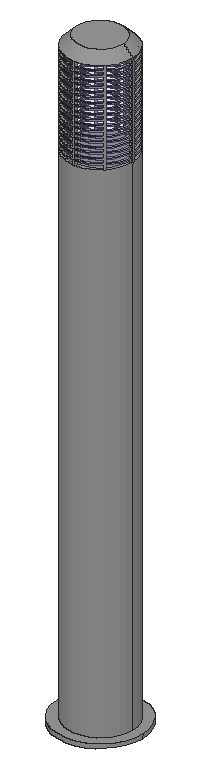
Revit family "Фонарь уличный «Айрон» Арт 7549", category Антураж, Revit 2018
Family settings
  На основе рабочей плоскости = Нет
  Всегда вертикально = Да
  При загрузке вырезать с полостями = Нет
  Источник визуального образа = Геометрия семейства
  Общий = Нет
  Точка расчета площади = Нет
Parameters (values of type "Модель 1,5 м")
  Ширина = 159 mm  # constant formula
  Цвет светильника = Сталь
  Описание = if([Модель 0,8 м], "Фонарь уличный «Айрон». Модель 0,8м", (if([Модель 1,2 м], "Фонарь уличный «Айрон». Модель 1,2 м", "Фонарь уличный «Айрон». Модель 1,5 м")))  # "Фонарь уличный «Айрон». Модель 1,5 м"
  Модель 1,5 м = yes
  Модель 1,2 м = no
  Модель 0,8 м = no
  Материал изделия = "Сталь"  # constant formula
  Изображение типоразмера = Фонарь уличный «Айрон» Арт 7549.jpg
  Изготовитель = "ООО «Хоббика»"  # constant formula
  Длина = 159 mm  # constant formula
  Группа модели = "Светильники со стальными опорами"  # constant formula
  Высота = if([Модель 0,8 м], 800 mm, (if([Модель 1,2 м], 1200 mm, 1500 mm)))  # 1500 mm
  Артикул товара = "Арт. 7549"  # constant formula
  URL = "https://hobbyka.ru/product/fonar_ulichnyi_airon/"
Types (4, lengths in mm): name | Описание | Модель 1,5 м | Модель 1,2 м | Модель 0,8 м | Высота
  (no name) | "Фонарь уличный «Айрон». Модель 1,5 м" | yes | no | no | 1500
  Модель 0,8 м | "Фонарь уличный «Айрон». Модель 0,8м" | no | no | yes | 800
  Модель 1,2 м | "Фонарь уличный «Айрон». Модель 1,2 м" | no | yes | no | 1200
  Модель 1,5 м | "Фонарь уличный «Айрон». Модель 1,5 м" | yes | no | no | 1500
Reference planes
  plane 1 "По центру (Вперед/Назад)": y = 0
  plane 2: z = 0
  plane 3 "По центру (Влево/Вправо)": x = 0
  plane 4: z = 1500
  plane 5: x = 159
  plane 6: y = 159
  plane 7: z = 1250
Forms (mm)
  Extrusion 1, solid, material "Сталь" <- "Цвет светильника"
    sketch origin (0, 0, 0) x (1, 0, 0) y (0, 1, 0)
      loop
        circle (79.5, 79.5) r 104.5
    from 0 to 10
  Extrusion 2, solid, material "Сталь" <- "Цвет светильника"
    sketch origin (0, 0, 0) x (1, 0, 0) y (0, 1, 0)
      loop
        circle (79.5, 79.5) r 79.5
    from 10 to 1250
Dimensions and locks
  "Высота": plane 4 to level
  "Ширина": plane 6 to plane 1 "По центру (Вперед/Назад)"
  "Длина": plane 3 "По центру (Влево/Вправо)" to plane 5
  locked: plane 4 to plane 7 at 250
  aligned and locked: level to plane 2
  aligned and locked: plane 4 to nested 1
  aligned and locked: Extrusion 2 to Extrusion 1
  aligned and locked: plane 7 to Extrusion 2
Automatic sketch dimensions
  plane 3 "По центру (Влево/Вправо)" to Extrusion 1 sketch curve = 79.5 mm
  Extrusion 1 sketch curve to plane 1 "По центру (Вперед/Назад)" = 79.5 mm
  Extrusion 2 sketch curve to Extrusion 2 sketch curve = 0 mm  (x2)
  plane 3 "По центру (Влево/Вправо)" to Extrusion 2 sketch curve = 79.5 mm
  Extrusion 2 sketch curve to plane 1 "По центру (Вперед/Назад)" = 79.5 mm
  Extrusion 2 sketch curve to plane 3 "По центру (Влево/Вправо)" = 0 mm
  radius of Extrusion 1 sketch curve = 104.5 mm
Nested families
  nested 1: "Фонарь уличный «Айрон» Арт 7549 светильник" at (0, 0, 1250), type "Фонарь уличный «Айрон» Арт 7549 светильник"
Definition of nested family "Фонарь уличный «Айрон» Арт 7549 светильник"
  Parameters (values of type "Фонарь уличный «Айрон» Арт 7549 светильник")
    Цвет светильника = none
    Плафон = none
    Height = 0 mm
  Reference planes
    plane 1 "По центру (Вперед/Назад)": y = 0
    plane 2: z = 0
    plane 3 "По центру (Влево/Вправо)": x = 0
  Forms (mm)
    Extrusion 1, solid, material <- "Цвет светильника"
      sketch origin (0, 0, 0) x (1, 0, 0) y (0, 1, 0)
        loop
          circle (79.5, 79.5) r 79.5
      from 0 to 250
    Sweep 2, void
      path origin (0, 0, 0) x (1, 0, 0) y (0, 1, 0)
        loop
          circle (79.5, 79.5) r 79.5
      profile origin (79.5, 159, 0) x (0, -1, 0) y (0, 0, 1)
        loop
          line (0, 250) -> (0, 227) -> (23, 250) -> (0, 250)
    Extrusion 3, void
      sketch origin (0, 0, 0) x (1, 0, 0) y (0, 1, 0)
        loop
          arc (21.545, 133.919) -> (6.052, 109.923) -> (0.039, 82) r 79.5
          line (0.039, 82) -> (5.042, 82)
          arc (5.042, 82) -> (5, 79.5) -> (5.042, 77) r 74.5
          line (5.042, 77) -> (0.039, 77)
          arc (0.039, 77) -> (6.052, 49.077) -> (21.545, 25.081) r 79.5
          line (21.545, 25.081) -> (25.082, 28.618)
          arc (25.082, 28.618) -> (26.821, 26.821) -> (28.618, 25.082) r 74.5
          line (28.618, 25.082) -> (25.081, 21.545)
          arc (25.081, 21.545) -> (49.077, 6.052) -> (77, 0.039) r 79.5
          line (77, 0.039) -> (77, 5.042)
          arc (77, 5.042) -> (79.5, 5) -> (82, 5.042) r 74.5
          line (82, 5.042) -> (82, 0.039)
          arc (82, 0.039) -> (109.923, 6.052) -> (133.919, 21.545) r 79.5
          line (133.919, 21.545) -> (130.382, 25.082)
          arc (130.382, 25.082) -> (132.179, 26.821) -> (133.918, 28.618) r 74.5
          line (133.918, 28.618) -> (137.455, 25.081)
          arc (137.455, 25.081) -> (152.948, 49.077) -> (158.961, 77) r 79.5
          line (158.961, 77) -> (153.958, 77)
          arc (153.958, 77) -> (154, 79.5) -> (153.958, 82) r 74.5
          line (153.958, 82) -> (158.961, 82)
          arc (158.961, 82) -> (152.948, 109.923) -> (137.455, 133.919) r 79.5
          line (137.455, 133.919) -> (133.918, 130.382)
          arc (133.918, 130.382) -> (132.179, 132.179) -> (130.382, 133.918) r 74.5
          line (130.382, 133.918) -> (133.919, 137.455)
          arc (133.919, 137.455) -> (109.923, 152.948) -> (82, 158.961) r 79.5
          line (82, 158.961) -> (82, 153.958)
          arc (82, 153.958) -> (79.5, 154) -> (77, 153.958) r 74.5
          line (77, 153.958) -> (77, 158.961)
          arc (77, 158.961) -> (49.077, 152.948) -> (25.081, 137.455) r 79.5
          line (25.081, 137.455) -> (28.618, 133.918)
          arc (28.618, 133.918) -> (26.821, 132.179) -> (25.082, 130.382) r 74.5
          line (25.082, 130.382) -> (21.545, 133.919)
      from 0 to 10
    Extrusion 4, void
      sketch origin (0, 0, 0) x (1, 0, 0) y (0, 1, 0)
        loop
          arc (21.545, 133.919) -> (6.052, 109.923) -> (0.039, 82) r 79.5
          line (0.039, 82) -> (5.042, 82)
          arc (5.042, 82) -> (5, 79.5) -> (5.042, 77) r 74.5
          line (5.042, 77) -> (0.039, 77)
          arc (0.039, 77) -> (6.052, 49.077) -> (21.545, 25.081) r 79.5
          line (21.545, 25.081) -> (25.082, 28.618)
          arc (25.082, 28.618) -> (26.821, 26.821) -> (28.618, 25.082) r 74.5
          line (28.618, 25.082) -> (25.081, 21.545)
          arc (25.081, 21.545) -> (49.077, 6.052) -> (77, 0.039) r 79.5
          line (77, 0.039) -> (77, 5.042)
          arc (77, 5.042) -> (79.5, 5) -> (82, 5.042) r 74.5
          line (82, 5.042) -> (82, 0.039)
          arc (82, 0.039) -> (109.923, 6.052) -> (133.919, 21.545) r 79.5
          line (133.919, 21.545) -> (130.382, 25.082)
          arc (130.382, 25.082) -> (132.179, 26.821) -> (133.918, 28.618) r 74.5
          line (133.918, 28.618) -> (137.455, 25.081)
          arc (137.455, 25.081) -> (152.948, 49.077) -> (158.961, 77) r 79.5
          line (158.961, 77) -> (153.958, 77)
          arc (153.958, 77) -> (154, 79.5) -> (153.958, 82) r 74.5
          line (153.958, 82) -> (158.961, 82)
          arc (158.961, 82) -> (152.948, 109.923) -> (137.455, 133.919) r 79.5
          line (137.455, 133.919) -> (133.918, 130.382)
          arc (133.918, 130.382) -> (132.179, 132.179) -> (130.382, 133.918) r 74.5
          line (130.382, 133.918) -> (133.919, 137.455)
          arc (133.919, 137.455) -> (109.923, 152.948) -> (82, 158.961) r 79.5
          line (82, 158.961) -> (82, 153.958)
          arc (82, 153.958) -> (79.5, 154) -> (77, 153.958) r 74.5
          line (77, 153.958) -> (77, 158.961)
          arc (77, 158.961) -> (49.077, 152.948) -> (25.081, 137.455) r 79.5
          line (25.081, 137.455) -> (28.618, 133.918)
          arc (28.618, 133.918) -> (26.821, 132.179) -> (25.082, 130.382) r 74.5
          line (25.082, 130.382) -> (21.545, 133.919)
      from 12 to 22
    Extrusion 5, void
      sketch origin (0, 0, 0) x (1, 0, 0) y (0, 1, 0)
        loop
          circle (79.5, 79.5) r 74.5
      from 0 to 227
    Extrusion 6, void
      sketch origin (0, 0, 0) x (1, 0, 0) y (0, 1, 0)
        loop
          arc (21.545, 133.919) -> (6.052, 109.923) -> (0.039, 82) r 79.5
          line (0.039, 82) -> (5.042, 82)
          arc (5.042, 82) -> (5, 79.5) -> (5.042, 77) r 74.5
          line (5.042, 77) -> (0.039, 77)
          arc (0.039, 77) -> (6.052, 49.077) -> (21.545, 25.081) r 79.5
          line (21.545, 25.081) -> (25.082, 28.618)
          arc (25.082, 28.618) -> (26.821, 26.821) -> (28.618, 25.082) r 74.5
          line (28.618, 25.082) -> (25.081, 21.545)
          arc (25.081, 21.545) -> (49.077, 6.052) -> (77, 0.039) r 79.5
          line (77, 0.039) -> (77, 5.042)
          arc (77, 5.042) -> (79.5, 5) -> (82, 5.042) r 74.5
          line (82, 5.042) -> (82, 0.039)
          arc (82, 0.039) -> (109.923, 6.052) -> (133.919, 21.545) r 79.5
          line (133.919, 21.545) -> (130.382, 25.082)
          arc (130.382, 25.082) -> (132.179, 26.821) -> (133.918, 28.618) r 74.5
          line (133.918, 28.618) -> (137.455, 25.081)
          arc (137.455, 25.081) -> (152.948, 49.077) -> (158.961, 77) r 79.5
          line (158.961, 77) -> (153.958, 77)
          arc (153.958, 77) -> (154, 79.5) -> (153.958, 82) r 74.5
          line (153.958, 82) -> (158.961, 82)
          arc (158.961, 82) -> (152.948, 109.923) -> (137.455, 133.919) r 79.5
          line (137.455, 133.919) -> (133.918, 130.382)
          arc (133.918, 130.382) -> (132.179, 132.179) -> (130.382, 133.918) r 74.5
          line (130.382, 133.918) -> (133.919, 137.455)
          arc (133.919, 137.455) -> (109.923, 152.948) -> (82, 158.961) r 79.5
          line (82, 158.961) -> (82, 153.958)
          arc (82, 153.958) -> (79.5, 154) -> (77, 153.958) r 74.5
          line (77, 153.958) -> (77, 158.961)
          arc (77, 158.961) -> (49.077, 152.948) -> (25.081, 137.455) r 79.5
          line (25.081, 137.455) -> (28.618, 133.918)
          arc (28.618, 133.918) -> (26.821, 132.179) -> (25.082, 130.382) r 74.5
          line (25.082, 130.382) -> (21.545, 133.919)
      from 24 to 34
    Extrusion 7, void
      sketch origin (0, 0, 0) x (1, 0, 0) y (0, 1, 0)
        loop
          arc (21.545, 133.919) -> (6.052, 109.923) -> (0.039, 82) r 79.5
          line (0.039, 82) -> (5.042, 82)
          arc (5.042, 82) -> (5, 79.5) -> (5.042, 77) r 74.5
          line (5.042, 77) -> (0.039, 77)
          arc (0.039, 77) -> (6.052, 49.077) -> (21.545, 25.081) r 79.5
          line (21.545, 25.081) -> (25.082, 28.618)
          arc (25.082, 28.618) -> (26.821, 26.821) -> (28.618, 25.082) r 74.5
          line (28.618, 25.082) -> (25.081, 21.545)
          arc (25.081, 21.545) -> (49.077, 6.052) -> (77, 0.039) r 79.5
          line (77, 0.039) -> (77, 5.042)
          arc (77, 5.042) -> (79.5, 5) -> (82, 5.042) r 74.5
          line (82, 5.042) -> (82, 0.039)
          arc (82, 0.039) -> (109.923, 6.052) -> (133.919, 21.545) r 79.5
          line (133.919, 21.545) -> (130.382, 25.082)
          arc (130.382, 25.082) -> (132.179, 26.821) -> (133.918, 28.618) r 74.5
          line (133.918, 28.618) -> (137.455, 25.081)
          arc (137.455, 25.081) -> (152.948, 49.077) -> (158.961, 77) r 79.5
          line (158.961, 77) -> (153.958, 77)
          arc (153.958, 77) -> (154, 79.5) -> (153.958, 82) r 74.5
          line (153.958, 82) -> (158.961, 82)
          arc (158.961, 82) -> (152.948, 109.923) -> (137.455, 133.919) r 79.5
          line (137.455, 133.919) -> (133.918, 130.382)
          arc (133.918, 130.382) -> (132.179, 132.179) -> (130.382, 133.918) r 74.5
          line (130.382, 133.918) -> (133.919, 137.455)
          arc (133.919, 137.455) -> (109.923, 152.948) -> (82, 158.961) r 79.5
          line (82, 158.961) -> (82, 153.958)
          arc (82, 153.958) -> (79.5, 154) -> (77, 153.958) r 74.5
          line (77, 153.958) -> (77, 158.961)
          arc (77, 158.961) -> (49.077, 152.948) -> (25.081, 137.455) r 79.5
          line (25.081, 137.455) -> (28.618, 133.918)
          arc (28.618, 133.918) -> (26.821, 132.179) -> (25.082, 130.382) r 74.5
          line (25.082, 130.382) -> (21.545, 133.919)
      from 216 to 226
    Extrusion 8, void
      sketch origin (0, 0, 0) x (1, 0, 0) y (0, 1, 0)
        loop
          arc (21.545, 133.919) -> (6.052, 109.923) -> (0.039, 82) r 79.5
          line (0.039, 82) -> (5.042, 82)
          arc (5.042, 82) -> (5, 79.5) -> (5.042, 77) r 74.5
          line (5.042, 77) -> (0.039, 77)
          arc (0.039, 77) -> (6.052, 49.077) -> (21.545, 25.081) r 79.5
          line (21.545, 25.081) -> (25.082, 28.618)
          arc (25.082, 28.618) -> (26.821, 26.821) -> (28.618, 25.082) r 74.5
          line (28.618, 25.082) -> (25.081, 21.545)
          arc (25.081, 21.545) -> (49.077, 6.052) -> (77, 0.039) r 79.5
          line (77, 0.039) -> (77, 5.042)
          arc (77, 5.042) -> (79.5, 5) -> (82, 5.042) r 74.5
          line (82, 5.042) -> (82, 0.039)
          arc (82, 0.039) -> (109.923, 6.052) -> (133.919, 21.545) r 79.5
          line (133.919, 21.545) -> (130.382, 25.082)
          arc (130.382, 25.082) -> (132.179, 26.821) -> (133.918, 28.618) r 74.5
          line (133.918, 28.618) -> (137.455, 25.081)
          arc (137.455, 25.081) -> (152.948, 49.077) -> (158.961, 77) r 79.5
          line (158.961, 77) -> (153.958, 77)
          arc (153.958, 77) -> (154, 79.5) -> (153.958, 82) r 74.5
          line (153.958, 82) -> (158.961, 82)
          arc (158.961, 82) -> (152.948, 109.923) -> (137.455, 133.919) r 79.5
          line (137.455, 133.919) -> (133.918, 130.382)
          arc (133.918, 130.382) -> (132.179, 132.179) -> (130.382, 133.918) r 74.5
          line (130.382, 133.918) -> (133.919, 137.455)
          arc (133.919, 137.455) -> (109.923, 152.948) -> (82, 158.961) r 79.5
          line (82, 158.961) -> (82, 153.958)
          arc (82, 153.958) -> (79.5, 154) -> (77, 153.958) r 74.5
          line (77, 153.958) -> (77, 158.961)
          arc (77, 158.961) -> (49.077, 152.948) -> (25.081, 137.455) r 79.5
          line (25.081, 137.455) -> (28.618, 133.918)
          arc (28.618, 133.918) -> (26.821, 132.179) -> (25.082, 130.382) r 74.5
          line (25.082, 130.382) -> (21.545, 133.919)
      from 204 to 214
    Extrusion 9, void
      sketch origin (0, 0, 0) x (1, 0, 0) y (0, 1, 0)
        loop
          arc (21.545, 133.919) -> (6.052, 109.923) -> (0.039, 82) r 79.5
          line (0.039, 82) -> (5.042, 82)
          arc (5.042, 82) -> (5, 79.5) -> (5.042, 77) r 74.5
          line (5.042, 77) -> (0.039, 77)
          arc (0.039, 77) -> (6.052, 49.077) -> (21.545, 25.081) r 79.5
          line (21.545, 25.081) -> (25.082, 28.618)
          arc (25.082, 28.618) -> (26.821, 26.821) -> (28.618, 25.082) r 74.5
          line (28.618, 25.082) -> (25.081, 21.545)
          arc (25.081, 21.545) -> (49.077, 6.052) -> (77, 0.039) r 79.5
          line (77, 0.039) -> (77, 5.042)
          arc (77, 5.042) -> (79.5, 5) -> (82, 5.042) r 74.5
          line (82, 5.042) -> (82, 0.039)
          arc (82, 0.039) -> (109.923, 6.052) -> (133.919, 21.545) r 79.5
          line (133.919, 21.545) -> (130.382, 25.082)
          arc (130.382, 25.082) -> (132.179, 26.821) -> (133.918, 28.618) r 74.5
          line (133.918, 28.618) -> (137.455, 25.081)
          arc (137.455, 25.081) -> (152.948, 49.077) -> (158.961, 77) r 79.5
          line (158.961, 77) -> (153.958, 77)
          arc (153.958, 77) -> (154, 79.5) -> (153.958, 82) r 74.5
          line (153.958, 82) -> (158.961, 82)
          arc (158.961, 82) -> (152.948, 109.923) -> (137.455, 133.919) r 79.5
          line (137.455, 133.919) -> (133.918, 130.382)
          arc (133.918, 130.382) -> (132.179, 132.179) -> (130.382, 133.918) r 74.5
          line (130.382, 133.918) -> (133.919, 137.455)
          arc (133.919, 137.455) -> (109.923, 152.948) -> (82, 158.961) r 79.5
          line (82, 158.961) -> (82, 153.958)
          arc (82, 153.958) -> (79.5, 154) -> (77, 153.958) r 74.5
          line (77, 153.958) -> (77, 158.961)
          arc (77, 158.961) -> (49.077, 152.948) -> (25.081, 137.455) r 79.5
          line (25.081, 137.455) -> (28.618, 133.918)
          arc (28.618, 133.918) -> (26.821, 132.179) -> (25.082, 130.382) r 74.5
          line (25.082, 130.382) -> (21.545, 133.919)
      from 192 to 202
    Extrusion 10, void
      sketch origin (0, 0, 0) x (1, 0, 0) y (0, 1, 0)
        loop
          arc (21.545, 133.919) -> (6.052, 109.923) -> (0.039, 82) r 79.5
          line (0.039, 82) -> (5.042, 82)
          arc (5.042, 82) -> (5, 79.5) -> (5.042, 77) r 74.5
          line (5.042, 77) -> (0.039, 77)
          arc (0.039, 77) -> (6.052, 49.077) -> (21.545, 25.081) r 79.5
          line (21.545, 25.081) -> (25.082, 28.618)
          arc (25.082, 28.618) -> (26.821, 26.821) -> (28.618, 25.082) r 74.5
          line (28.618, 25.082) -> (25.081, 21.545)
          arc (25.081, 21.545) -> (49.077, 6.052) -> (77, 0.039) r 79.5
          line (77, 0.039) -> (77, 5.042)
          arc (77, 5.042) -> (79.5, 5) -> (82, 5.042) r 74.5
          line (82, 5.042) -> (82, 0.039)
          arc (82, 0.039) -> (109.923, 6.052) -> (133.919, 21.545) r 79.5
          line (133.919, 21.545) -> (130.382, 25.082)
          arc (130.382, 25.082) -> (132.179, 26.821) -> (133.918, 28.618) r 74.5
          line (133.918, 28.618) -> (137.455, 25.081)
          arc (137.455, 25.081) -> (152.948, 49.077) -> (158.961, 77) r 79.5
          line (158.961, 77) -> (153.958, 77)
          arc (153.958, 77) -> (154, 79.5) -> (153.958, 82) r 74.5
          line (153.958, 82) -> (158.961, 82)
          arc (158.961, 82) -> (152.948, 109.923) -> (137.455, 133.919) r 79.5
          line (137.455, 133.919) -> (133.918, 130.382)
          arc (133.918, 130.382) -> (132.179, 132.179) -> (130.382, 133.918) r 74.5
          line (130.382, 133.918) -> (133.919, 137.455)
          arc (133.919, 137.455) -> (109.923, 152.948) -> (82, 158.961) r 79.5
          line (82, 158.961) -> (82, 153.958)
          arc (82, 153.958) -> (79.5, 154) -> (77, 153.958) r 74.5
          line (77, 153.958) -> (77, 158.961)
          arc (77, 158.961) -> (49.077, 152.948) -> (25.081, 137.455) r 79.5
          line (25.081, 137.455) -> (28.618, 133.918)
          arc (28.618, 133.918) -> (26.821, 132.179) -> (25.082, 130.382) r 74.5
          line (25.082, 130.382) -> (21.545, 133.919)
      from 180 to 190
    Extrusion 11, void
      sketch origin (0, 0, 0) x (1, 0, 0) y (0, 1, 0)
        loop
          arc (21.545, 133.919) -> (6.052, 109.923) -> (0.039, 82) r 79.5
          line (0.039, 82) -> (5.042, 82)
          arc (5.042, 82) -> (5, 79.5) -> (5.042, 77) r 74.5
          line (5.042, 77) -> (0.039, 77)
          arc (0.039, 77) -> (6.052, 49.077) -> (21.545, 25.081) r 79.5
          line (21.545, 25.081) -> (25.082, 28.618)
          arc (25.082, 28.618) -> (26.821, 26.821) -> (28.618, 25.082) r 74.5
          line (28.618, 25.082) -> (25.081, 21.545)
          arc (25.081, 21.545) -> (49.077, 6.052) -> (77, 0.039) r 79.5
          line (77, 0.039) -> (77, 5.042)
          arc (77, 5.042) -> (79.5, 5) -> (82, 5.042) r 74.5
          line (82, 5.042) -> (82, 0.039)
          arc (82, 0.039) -> (109.923, 6.052) -> (133.919, 21.545) r 79.5
          line (133.919, 21.545) -> (130.382, 25.082)
          arc (130.382, 25.082) -> (132.179, 26.821) -> (133.918, 28.618) r 74.5
          line (133.918, 28.618) -> (137.455, 25.081)
          arc (137.455, 25.081) -> (152.948, 49.077) -> (158.961, 77) r 79.5
          line (158.961, 77) -> (153.958, 77)
          arc (153.958, 77) -> (154, 79.5) -> (153.958, 82) r 74.5
          line (153.958, 82) -> (158.961, 82)
          arc (158.961, 82) -> (152.948, 109.923) -> (137.455, 133.919) r 79.5
          line (137.455, 133.919) -> (133.918, 130.382)
          arc (133.918, 130.382) -> (132.179, 132.179) -> (130.382, 133.918) r 74.5
          line (130.382, 133.918) -> (133.919, 137.455)
          arc (133.919, 137.455) -> (109.923, 152.948) -> (82, 158.961) r 79.5
          line (82, 158.961) -> (82, 153.958)
          arc (82, 153.958) -> (79.5, 154) -> (77, 153.958) r 74.5
          line (77, 153.958) -> (77, 158.961)
          arc (77, 158.961) -> (49.077, 152.948) -> (25.081, 137.455) r 79.5
          line (25.081, 137.455) -> (28.618, 133.918)
          arc (28.618, 133.918) -> (26.821, 132.179) -> (25.082, 130.382) r 74.5
          line (25.082, 130.382) -> (21.545, 133.919)
      from 168 to 178
    Extrusion 12, void
      sketch origin (0, 0, 0) x (1, 0, 0) y (0, 1, 0)
        loop
          arc (21.545, 133.919) -> (6.052, 109.923) -> (0.039, 82) r 79.5
          line (0.039, 82) -> (5.042, 82)
          arc (5.042, 82) -> (5, 79.5) -> (5.042, 77) r 74.5
          line (5.042, 77) -> (0.039, 77)
          arc (0.039, 77) -> (6.052, 49.077) -> (21.545, 25.081) r 79.5
          line (21.545, 25.081) -> (25.082, 28.618)
          arc (25.082, 28.618) -> (26.821, 26.821) -> (28.618, 25.082) r 74.5
          line (28.618, 25.082) -> (25.081, 21.545)
          arc (25.081, 21.545) -> (49.077, 6.052) -> (77, 0.039) r 79.5
          line (77, 0.039) -> (77, 5.042)
          arc (77, 5.042) -> (79.5, 5) -> (82, 5.042) r 74.5
          line (82, 5.042) -> (82, 0.039)
          arc (82, 0.039) -> (109.923, 6.052) -> (133.919, 21.545) r 79.5
          line (133.919, 21.545) -> (130.382, 25.082)
          arc (130.382, 25.082) -> (132.179, 26.821) -> (133.918, 28.618) r 74.5
          line (133.918, 28.618) -> (137.455, 25.081)
          arc (137.455, 25.081) -> (152.948, 49.077) -> (158.961, 77) r 79.5
          line (158.961, 77) -> (153.958, 77)
          arc (153.958, 77) -> (154, 79.5) -> (153.958, 82) r 74.5
          line (153.958, 82) -> (158.961, 82)
          arc (158.961, 82) -> (152.948, 109.923) -> (137.455, 133.919) r 79.5
          line (137.455, 133.919) -> (133.918, 130.382)
          arc (133.918, 130.382) -> (132.179, 132.179) -> (130.382, 133.918) r 74.5
          line (130.382, 133.918) -> (133.919, 137.455)
          arc (133.919, 137.455) -> (109.923, 152.948) -> (82, 158.961) r 79.5
          line (82, 158.961) -> (82, 153.958)
          arc (82, 153.958) -> (79.5, 154) -> (77, 153.958) r 74.5
          line (77, 153.958) -> (77, 158.961)
          arc (77, 158.961) -> (49.077, 152.948) -> (25.081, 137.455) r 79.5
          line (25.081, 137.455) -> (28.618, 133.918)
          arc (28.618, 133.918) -> (26.821, 132.179) -> (25.082, 130.382) r 74.5
          line (25.082, 130.382) -> (21.545, 133.919)
      from 156 to 166
    Extrusion 13, void
      sketch origin (0, 0, 0) x (1, 0, 0) y (0, 1, 0)
        loop
          arc (21.545, 133.919) -> (6.052, 109.923) -> (0.039, 82) r 79.5
          line (0.039, 82) -> (5.042, 82)
          arc (5.042, 82) -> (5, 79.5) -> (5.042, 77) r 74.5
          line (5.042, 77) -> (0.039, 77)
          arc (0.039, 77) -> (6.052, 49.077) -> (21.545, 25.081) r 79.5
          line (21.545, 25.081) -> (25.082, 28.618)
          arc (25.082, 28.618) -> (26.821, 26.821) -> (28.618, 25.082) r 74.5
          line (28.618, 25.082) -> (25.081, 21.545)
          arc (25.081, 21.545) -> (49.077, 6.052) -> (77, 0.039) r 79.5
          line (77, 0.039) -> (77, 5.042)
          arc (77, 5.042) -> (79.5, 5) -> (82, 5.042) r 74.5
          line (82, 5.042) -> (82, 0.039)
          arc (82, 0.039) -> (109.923, 6.052) -> (133.919, 21.545) r 79.5
          line (133.919, 21.545) -> (130.382, 25.082)
          arc (130.382, 25.082) -> (132.179, 26.821) -> (133.918, 28.618) r 74.5
          line (133.918, 28.618) -> (137.455, 25.081)
          arc (137.455, 25.081) -> (152.948, 49.077) -> (158.961, 77) r 79.5
          line (158.961, 77) -> (153.958, 77)
          arc (153.958, 77) -> (154, 79.5) -> (153.958, 82) r 74.5
          line (153.958, 82) -> (158.961, 82)
          arc (158.961, 82) -> (152.948, 109.923) -> (137.455, 133.919) r 79.5
          line (137.455, 133.919) -> (133.918, 130.382)
          arc (133.918, 130.382) -> (132.179, 132.179) -> (130.382, 133.918) r 74.5
          line (130.382, 133.918) -> (133.919, 137.455)
          arc (133.919, 137.455) -> (109.923, 152.948) -> (82, 158.961) r 79.5
          line (82, 158.961) -> (82, 153.958)
          arc (82, 153.958) -> (79.5, 154) -> (77, 153.958) r 74.5
          line (77, 153.958) -> (77, 158.961)
          arc (77, 158.961) -> (49.077, 152.948) -> (25.081, 137.455) r 79.5
          line (25.081, 137.455) -> (28.618, 133.918)
          arc (28.618, 133.918) -> (26.821, 132.179) -> (25.082, 130.382) r 74.5
          line (25.082, 130.382) -> (21.545, 133.919)
      from 144 to 154
    Extrusion 14, void
      sketch origin (0, 0, 0) x (1, 0, 0) y (0, 1, 0)
        loop
          arc (21.545, 133.919) -> (6.052, 109.923) -> (0.039, 82) r 79.5
          line (0.039, 82) -> (5.042, 82)
          arc (5.042, 82) -> (5, 79.5) -> (5.042, 77) r 74.5
          line (5.042, 77) -> (0.039, 77)
          arc (0.039, 77) -> (6.052, 49.077) -> (21.545, 25.081) r 79.5
          line (21.545, 25.081) -> (25.082, 28.618)
          arc (25.082, 28.618) -> (26.821, 26.821) -> (28.618, 25.082) r 74.5
          line (28.618, 25.082) -> (25.081, 21.545)
          arc (25.081, 21.545) -> (49.077, 6.052) -> (77, 0.039) r 79.5
          line (77, 0.039) -> (77, 5.042)
          arc (77, 5.042) -> (79.5, 5) -> (82, 5.042) r 74.5
          line (82, 5.042) -> (82, 0.039)
          arc (82, 0.039) -> (109.923, 6.052) -> (133.919, 21.545) r 79.5
          line (133.919, 21.545) -> (130.382, 25.082)
          arc (130.382, 25.082) -> (132.179, 26.821) -> (133.918, 28.618) r 74.5
          line (133.918, 28.618) -> (137.455, 25.081)
          arc (137.455, 25.081) -> (152.948, 49.077) -> (158.961, 77) r 79.5
          line (158.961, 77) -> (153.958, 77)
          arc (153.958, 77) -> (154, 79.5) -> (153.958, 82) r 74.5
          line (153.958, 82) -> (158.961, 82)
          arc (158.961, 82) -> (152.948, 109.923) -> (137.455, 133.919) r 79.5
          line (137.455, 133.919) -> (133.918, 130.382)
          arc (133.918, 130.382) -> (132.179, 132.179) -> (130.382, 133.918) r 74.5
          line (130.382, 133.918) -> (133.919, 137.455)
          arc (133.919, 137.455) -> (109.923, 152.948) -> (82, 158.961) r 79.5
          line (82, 158.961) -> (82, 153.958)
          arc (82, 153.958) -> (79.5, 154) -> (77, 153.958) r 74.5
          line (77, 153.958) -> (77, 158.961)
          arc (77, 158.961) -> (49.077, 152.948) -> (25.081, 137.455) r 79.5
          line (25.081, 137.455) -> (28.618, 133.918)
          arc (28.618, 133.918) -> (26.821, 132.179) -> (25.082, 130.382) r 74.5
          line (25.082, 130.382) -> (21.545, 133.919)
      from 132 to 142
    Extrusion 15, void
      sketch origin (0, 0, 0) x (1, 0, 0) y (0, 1, 0)
        loop
          arc (21.545, 133.919) -> (6.052, 109.923) -> (0.039, 82) r 79.5
          line (0.039, 82) -> (5.042, 82)
          arc (5.042, 82) -> (5, 79.5) -> (5.042, 77) r 74.5
          line (5.042, 77) -> (0.039, 77)
          arc (0.039, 77) -> (6.052, 49.077) -> (21.545, 25.081) r 79.5
          line (21.545, 25.081) -> (25.082, 28.618)
          arc (25.082, 28.618) -> (26.821, 26.821) -> (28.618, 25.082) r 74.5
          line (28.618, 25.082) -> (25.081, 21.545)
          arc (25.081, 21.545) -> (49.077, 6.052) -> (77, 0.039) r 79.5
          line (77, 0.039) -> (77, 5.042)
          arc (77, 5.042) -> (79.5, 5) -> (82, 5.042) r 74.5
          line (82, 5.042) -> (82, 0.039)
          arc (82, 0.039) -> (109.923, 6.052) -> (133.919, 21.545) r 79.5
          line (133.919, 21.545) -> (130.382, 25.082)
          arc (130.382, 25.082) -> (132.179, 26.821) -> (133.918, 28.618) r 74.5
          line (133.918, 28.618) -> (137.455, 25.081)
          arc (137.455, 25.081) -> (152.948, 49.077) -> (158.961, 77) r 79.5
          line (158.961, 77) -> (153.958, 77)
          arc (153.958, 77) -> (154, 79.5) -> (153.958, 82) r 74.5
          line (153.958, 82) -> (158.961, 82)
          arc (158.961, 82) -> (152.948, 109.923) -> (137.455, 133.919) r 79.5
          line (137.455, 133.919) -> (133.918, 130.382)
          arc (133.918, 130.382) -> (132.179, 132.179) -> (130.382, 133.918) r 74.5
          line (130.382, 133.918) -> (133.919, 137.455)
          arc (133.919, 137.455) -> (109.923, 152.948) -> (82, 158.961) r 79.5
          line (82, 158.961) -> (82, 153.958)
          arc (82, 153.958) -> (79.5, 154) -> (77, 153.958) r 74.5
          line (77, 153.958) -> (77, 158.961)
          arc (77, 158.961) -> (49.077, 152.948) -> (25.081, 137.455) r 79.5
          line (25.081, 137.455) -> (28.618, 133.918)
          arc (28.618, 133.918) -> (26.821, 132.179) -> (25.082, 130.382) r 74.5
          line (25.082, 130.382) -> (21.545, 133.919)
      from 120 to 130
    Extrusion 16, void
      sketch origin (0, 0, 0) x (1, 0, 0) y (0, 1, 0)
        loop
          arc (21.545, 133.919) -> (6.052, 109.923) -> (0.039, 82) r 79.5
          line (0.039, 82) -> (5.042, 82)
          arc (5.042, 82) -> (5, 79.5) -> (5.042, 77) r 74.5
          line (5.042, 77) -> (0.039, 77)
          arc (0.039, 77) -> (6.052, 49.077) -> (21.545, 25.081) r 79.5
          line (21.545, 25.081) -> (25.082, 28.618)
          arc (25.082, 28.618) -> (26.821, 26.821) -> (28.618, 25.082) r 74.5
          line (28.618, 25.082) -> (25.081, 21.545)
          arc (25.081, 21.545) -> (49.077, 6.052) -> (77, 0.039) r 79.5
          line (77, 0.039) -> (77, 5.042)
          arc (77, 5.042) -> (79.5, 5) -> (82, 5.042) r 74.5
          line (82, 5.042) -> (82, 0.039)
          arc (82, 0.039) -> (109.923, 6.052) -> (133.919, 21.545) r 79.5
          line (133.919, 21.545) -> (130.382, 25.082)
          arc (130.382, 25.082) -> (132.179, 26.821) -> (133.918, 28.618) r 74.5
          line (133.918, 28.618) -> (137.455, 25.081)
          arc (137.455, 25.081) -> (152.948, 49.077) -> (158.961, 77) r 79.5
          line (158.961, 77) -> (153.958, 77)
          arc (153.958, 77) -> (154, 79.5) -> (153.958, 82) r 74.5
          line (153.958, 82) -> (158.961, 82)
          arc (158.961, 82) -> (152.948, 109.923) -> (137.455, 133.919) r 79.5
          line (137.455, 133.919) -> (133.918, 130.382)
          arc (133.918, 130.382) -> (132.179, 132.179) -> (130.382, 133.918) r 74.5
          line (130.382, 133.918) -> (133.919, 137.455)
          arc (133.919, 137.455) -> (109.923, 152.948) -> (82, 158.961) r 79.5
          line (82, 158.961) -> (82, 153.958)
          arc (82, 153.958) -> (79.5, 154) -> (77, 153.958) r 74.5
          line (77, 153.958) -> (77, 158.961)
          arc (77, 158.961) -> (49.077, 152.948) -> (25.081, 137.455) r 79.5
          line (25.081, 137.455) -> (28.618, 133.918)
          arc (28.618, 133.918) -> (26.821, 132.179) -> (25.082, 130.382) r 74.5
          line (25.082, 130.382) -> (21.545, 133.919)
      from 108 to 118
    Extrusion 17, void
      sketch origin (0, 0, 0) x (1, 0, 0) y (0, 1, 0)
        loop
          arc (21.545, 133.919) -> (6.052, 109.923) -> (0.039, 82) r 79.5
          line (0.039, 82) -> (5.042, 82)
          arc (5.042, 82) -> (5, 79.5) -> (5.042, 77) r 74.5
          line (5.042, 77) -> (0.039, 77)
          arc (0.039, 77) -> (6.052, 49.077) -> (21.545, 25.081) r 79.5
          line (21.545, 25.081) -> (25.082, 28.618)
          arc (25.082, 28.618) -> (26.821, 26.821) -> (28.618, 25.082) r 74.5
          line (28.618, 25.082) -> (25.081, 21.545)
          arc (25.081, 21.545) -> (49.077, 6.052) -> (77, 0.039) r 79.5
          line (77, 0.039) -> (77, 5.042)
          arc (77, 5.042) -> (79.5, 5) -> (82, 5.042) r 74.5
          line (82, 5.042) -> (82, 0.039)
          arc (82, 0.039) -> (109.923, 6.052) -> (133.919, 21.545) r 79.5
          line (133.919, 21.545) -> (130.382, 25.082)
          arc (130.382, 25.082) -> (132.179, 26.821) -> (133.918, 28.618) r 74.5
          line (133.918, 28.618) -> (137.455, 25.081)
          arc (137.455, 25.081) -> (152.948, 49.077) -> (158.961, 77) r 79.5
          line (158.961, 77) -> (153.958, 77)
          arc (153.958, 77) -> (154, 79.5) -> (153.958, 82) r 74.5
          line (153.958, 82) -> (158.961, 82)
          arc (158.961, 82) -> (152.948, 109.923) -> (137.455, 133.919) r 79.5
          line (137.455, 133.919) -> (133.918, 130.382)
          arc (133.918, 130.382) -> (132.179, 132.179) -> (130.382, 133.918) r 74.5
          line (130.382, 133.918) -> (133.919, 137.455)
          arc (133.919, 137.455) -> (109.923, 152.948) -> (82, 158.961) r 79.5
          line (82, 158.961) -> (82, 153.958)
          arc (82, 153.958) -> (79.5, 154) -> (77, 153.958) r 74.5
          line (77, 153.958) -> (77, 158.961)
          arc (77, 158.961) -> (49.077, 152.948) -> (25.081, 137.455) r 79.5
          line (25.081, 137.455) -> (28.618, 133.918)
          arc (28.618, 133.918) -> (26.821, 132.179) -> (25.082, 130.382) r 74.5
          line (25.082, 130.382) -> (21.545, 133.919)
      from 96 to 106
    Extrusion 18, void
      sketch origin (0, 0, 0) x (1, 0, 0) y (0, 1, 0)
        loop
          arc (21.545, 133.919) -> (6.052, 109.923) -> (0.039, 82) r 79.5
          line (0.039, 82) -> (5.042, 82)
          arc (5.042, 82) -> (5, 79.5) -> (5.042, 77) r 74.5
          line (5.042, 77) -> (0.039, 77)
          arc (0.039, 77) -> (6.052, 49.077) -> (21.545, 25.081) r 79.5
          line (21.545, 25.081) -> (25.082, 28.618)
          arc (25.082, 28.618) -> (26.821, 26.821) -> (28.618, 25.082) r 74.5
          line (28.618, 25.082) -> (25.081, 21.545)
          arc (25.081, 21.545) -> (49.077, 6.052) -> (77, 0.039) r 79.5
          line (77, 0.039) -> (77, 5.042)
          arc (77, 5.042) -> (79.5, 5) -> (82, 5.042) r 74.5
          line (82, 5.042) -> (82, 0.039)
          arc (82, 0.039) -> (109.923, 6.052) -> (133.919, 21.545) r 79.5
          line (133.919, 21.545) -> (130.382, 25.082)
          arc (130.382, 25.082) -> (132.179, 26.821) -> (133.918, 28.618) r 74.5
          line (133.918, 28.618) -> (137.455, 25.081)
          arc (137.455, 25.081) -> (152.948, 49.077) -> (158.961, 77) r 79.5
          line (158.961, 77) -> (153.958, 77)
          arc (153.958, 77) -> (154, 79.5) -> (153.958, 82) r 74.5
          line (153.958, 82) -> (158.961, 82)
          arc (158.961, 82) -> (152.948, 109.923) -> (137.455, 133.919) r 79.5
          line (137.455, 133.919) -> (133.918, 130.382)
          arc (133.918, 130.382) -> (132.179, 132.179) -> (130.382, 133.918) r 74.5
          line (130.382, 133.918) -> (133.919, 137.455)
          arc (133.919, 137.455) -> (109.923, 152.948) -> (82, 158.961) r 79.5
          line (82, 158.961) -> (82, 153.958)
          arc (82, 153.958) -> (79.5, 154) -> (77, 153.958) r 74.5
          line (77, 153.958) -> (77, 158.961)
          arc (77, 158.961) -> (49.077, 152.948) -> (25.081, 137.455) r 79.5
          line (25.081, 137.455) -> (28.618, 133.918)
          arc (28.618, 133.918) -> (26.821, 132.179) -> (25.082, 130.382) r 74.5
          line (25.082, 130.382) -> (21.545, 133.919)
      from 84 to 94
    Extrusion 19, void
      sketch origin (0, 0, 0) x (1, 0, 0) y (0, 1, 0)
        loop
          arc (21.545, 133.919) -> (6.052, 109.923) -> (0.039, 82) r 79.5
          line (0.039, 82) -> (5.042, 82)
          arc (5.042, 82) -> (5, 79.5) -> (5.042, 77) r 74.5
          line (5.042, 77) -> (0.039, 77)
          arc (0.039, 77) -> (6.052, 49.077) -> (21.545, 25.081) r 79.5
          line (21.545, 25.081) -> (25.082, 28.618)
          arc (25.082, 28.618) -> (26.821, 26.821) -> (28.618, 25.082) r 74.5
          line (28.618, 25.082) -> (25.081, 21.545)
          arc (25.081, 21.545) -> (49.077, 6.052) -> (77, 0.039) r 79.5
          line (77, 0.039) -> (77, 5.042)
          arc (77, 5.042) -> (79.5, 5) -> (82, 5.042) r 74.5
          line (82, 5.042) -> (82, 0.039)
          arc (82, 0.039) -> (109.923, 6.052) -> (133.919, 21.545) r 79.5
          line (133.919, 21.545) -> (130.382, 25.082)
          arc (130.382, 25.082) -> (132.179, 26.821) -> (133.918, 28.618) r 74.5
          line (133.918, 28.618) -> (137.455, 25.081)
          arc (137.455, 25.081) -> (152.948, 49.077) -> (158.961, 77) r 79.5
          line (158.961, 77) -> (153.958, 77)
          arc (153.958, 77) -> (154, 79.5) -> (153.958, 82) r 74.5
          line (153.958, 82) -> (158.961, 82)
          arc (158.961, 82) -> (152.948, 109.923) -> (137.455, 133.919) r 79.5
          line (137.455, 133.919) -> (133.918, 130.382)
          arc (133.918, 130.382) -> (132.179, 132.179) -> (130.382, 133.918) r 74.5
          line (130.382, 133.918) -> (133.919, 137.455)
          arc (133.919, 137.455) -> (109.923, 152.948) -> (82, 158.961) r 79.5
          line (82, 158.961) -> (82, 153.958)
          arc (82, 153.958) -> (79.5, 154) -> (77, 153.958) r 74.5
          line (77, 153.958) -> (77, 158.961)
          arc (77, 158.961) -> (49.077, 152.948) -> (25.081, 137.455) r 79.5
          line (25.081, 137.455) -> (28.618, 133.918)
          arc (28.618, 133.918) -> (26.821, 132.179) -> (25.082, 130.382) r 74.5
          line (25.082, 130.382) -> (21.545, 133.919)
      from 72 to 82
    Extrusion 20, void
      sketch origin (0, 0, 0) x (1, 0, 0) y (0, 1, 0)
        loop
          arc (21.545, 133.919) -> (6.052, 109.923) -> (0.039, 82) r 79.5
          line (0.039, 82) -> (5.042, 82)
          arc (5.042, 82) -> (5, 79.5) -> (5.042, 77) r 74.5
          line (5.042, 77) -> (0.039, 77)
          arc (0.039, 77) -> (6.052, 49.077) -> (21.545, 25.081) r 79.5
          line (21.545, 25.081) -> (25.082, 28.618)
          arc (25.082, 28.618) -> (26.821, 26.821) -> (28.618, 25.082) r 74.5
          line (28.618, 25.082) -> (25.081, 21.545)
          arc (25.081, 21.545) -> (49.077, 6.052) -> (77, 0.039) r 79.5
          line (77, 0.039) -> (77, 5.042)
          arc (77, 5.042) -> (79.5, 5) -> (82, 5.042) r 74.5
          line (82, 5.042) -> (82, 0.039)
          arc (82, 0.039) -> (109.923, 6.052) -> (133.919, 21.545) r 79.5
          line (133.919, 21.545) -> (130.382, 25.082)
          arc (130.382, 25.082) -> (132.179, 26.821) -> (133.918, 28.618) r 74.5
          line (133.918, 28.618) -> (137.455, 25.081)
          arc (137.455, 25.081) -> (152.948, 49.077) -> (158.961, 77) r 79.5
          line (158.961, 77) -> (153.958, 77)
          arc (153.958, 77) -> (154, 79.5) -> (153.958, 82) r 74.5
          line (153.958, 82) -> (158.961, 82)
          arc (158.961, 82) -> (152.948, 109.923) -> (137.455, 133.919) r 79.5
          line (137.455, 133.919) -> (133.918, 130.382)
          arc (133.918, 130.382) -> (132.179, 132.179) -> (130.382, 133.918) r 74.5
          line (130.382, 133.918) -> (133.919, 137.455)
          arc (133.919, 137.455) -> (109.923, 152.948) -> (82, 158.961) r 79.5
          line (82, 158.961) -> (82, 153.958)
          arc (82, 153.958) -> (79.5, 154) -> (77, 153.958) r 74.5
          line (77, 153.958) -> (77, 158.961)
          arc (77, 158.961) -> (49.077, 152.948) -> (25.081, 137.455) r 79.5
          line (25.081, 137.455) -> (28.618, 133.918)
          arc (28.618, 133.918) -> (26.821, 132.179) -> (25.082, 130.382) r 74.5
          line (25.082, 130.382) -> (21.545, 133.919)
      from 60 to 70
    Extrusion 21, void
      sketch origin (0, 0, 0) x (1, 0, 0) y (0, 1, 0)
        loop
          arc (21.545, 133.919) -> (6.052, 109.923) -> (0.039, 82) r 79.5
          line (0.039, 82) -> (5.042, 82)
          arc (5.042, 82) -> (5, 79.5) -> (5.042, 77) r 74.5
          line (5.042, 77) -> (0.039, 77)
          arc (0.039, 77) -> (6.052, 49.077) -> (21.545, 25.081) r 79.5
          line (21.545, 25.081) -> (25.082, 28.618)
          arc (25.082, 28.618) -> (26.821, 26.821) -> (28.618, 25.082) r 74.5
          line (28.618, 25.082) -> (25.081, 21.545)
          arc (25.081, 21.545) -> (49.077, 6.052) -> (77, 0.039) r 79.5
          line (77, 0.039) -> (77, 5.042)
          arc (77, 5.042) -> (79.5, 5) -> (82, 5.042) r 74.5
          line (82, 5.042) -> (82, 0.039)
          arc (82, 0.039) -> (109.923, 6.052) -> (133.919, 21.545) r 79.5
          line (133.919, 21.545) -> (130.382, 25.082)
          arc (130.382, 25.082) -> (132.179, 26.821) -> (133.918, 28.618) r 74.5
          line (133.918, 28.618) -> (137.455, 25.081)
          arc (137.455, 25.081) -> (152.948, 49.077) -> (158.961, 77) r 79.5
          line (158.961, 77) -> (153.958, 77)
          arc (153.958, 77) -> (154, 79.5) -> (153.958, 82) r 74.5
          line (153.958, 82) -> (158.961, 82)
          arc (158.961, 82) -> (152.948, 109.923) -> (137.455, 133.919) r 79.5
          line (137.455, 133.919) -> (133.918, 130.382)
          arc (133.918, 130.382) -> (132.179, 132.179) -> (130.382, 133.918) r 74.5
          line (130.382, 133.918) -> (133.919, 137.455)
          arc (133.919, 137.455) -> (109.923, 152.948) -> (82, 158.961) r 79.5
          line (82, 158.961) -> (82, 153.958)
          arc (82, 153.958) -> (79.5, 154) -> (77, 153.958) r 74.5
          line (77, 153.958) -> (77, 158.961)
          arc (77, 158.961) -> (49.077, 152.948) -> (25.081, 137.455) r 79.5
          line (25.081, 137.455) -> (28.618, 133.918)
          arc (28.618, 133.918) -> (26.821, 132.179) -> (25.082, 130.382) r 74.5
          line (25.082, 130.382) -> (21.545, 133.919)
      from 48 to 58
    Extrusion 22, void
      sketch origin (0, 0, 0) x (1, 0, 0) y (0, 1, 0)
        loop
          arc (21.545, 133.919) -> (6.052, 109.923) -> (0.039, 82) r 79.5
          line (0.039, 82) -> (5.042, 82)
          arc (5.042, 82) -> (5, 79.5) -> (5.042, 77) r 74.5
          line (5.042, 77) -> (0.039, 77)
          arc (0.039, 77) -> (6.052, 49.077) -> (21.545, 25.081) r 79.5
          line (21.545, 25.081) -> (25.082, 28.618)
          arc (25.082, 28.618) -> (26.821, 26.821) -> (28.618, 25.082) r 74.5
          line (28.618, 25.082) -> (25.081, 21.545)
          arc (25.081, 21.545) -> (49.077, 6.052) -> (77, 0.039) r 79.5
          line (77, 0.039) -> (77, 5.042)
          arc (77, 5.042) -> (79.5, 5) -> (82, 5.042) r 74.5
          line (82, 5.042) -> (82, 0.039)
          arc (82, 0.039) -> (109.923, 6.052) -> (133.919, 21.545) r 79.5
          line (133.919, 21.545) -> (130.382, 25.082)
          arc (130.382, 25.082) -> (132.179, 26.821) -> (133.918, 28.618) r 74.5
          line (133.918, 28.618) -> (137.455, 25.081)
          arc (137.455, 25.081) -> (152.948, 49.077) -> (158.961, 77) r 79.5
          line (158.961, 77) -> (153.958, 77)
          arc (153.958, 77) -> (154, 79.5) -> (153.958, 82) r 74.5
          line (153.958, 82) -> (158.961, 82)
          arc (158.961, 82) -> (152.948, 109.923) -> (137.455, 133.919) r 79.5
          line (137.455, 133.919) -> (133.918, 130.382)
          arc (133.918, 130.382) -> (132.179, 132.179) -> (130.382, 133.918) r 74.5
          line (130.382, 133.918) -> (133.919, 137.455)
          arc (133.919, 137.455) -> (109.923, 152.948) -> (82, 158.961) r 79.5
          line (82, 158.961) -> (82, 153.958)
          arc (82, 153.958) -> (79.5, 154) -> (77, 153.958) r 74.5
          line (77, 153.958) -> (77, 158.961)
          arc (77, 158.961) -> (49.077, 152.948) -> (25.081, 137.455) r 79.5
          line (25.081, 137.455) -> (28.618, 133.918)
          arc (28.618, 133.918) -> (26.821, 132.179) -> (25.082, 130.382) r 74.5
          line (25.082, 130.382) -> (21.545, 133.919)
      from 36 to 46
    Extrusion 23, solid, material <- "Плафон"
      sketch origin (0, 0, 0) x (1, 0, 0) y (0, 1, 0)
        loop
          circle (79.5, 79.5) r 74.5
      from 0 to 227
  Cuts and joins
    Sweep 2, Extrusion 3, Extrusion 4, Extrusion 5, Extrusion 6, Extrusion 7, Extrusion 8, Extrusion 9, Extrusion 10, Extrusion 11, Extrusion 12, Extrusion 13, Extrusion 14, Extrusion 15, Extrusion 16, Extrusion 17, Extrusion 18, Extrusion 19, Extrusion 20, Extrusion 21, Extrusion 22 cuts Extrusion 1
  Dimensions and locks
    aligned and locked: level to plane 2
